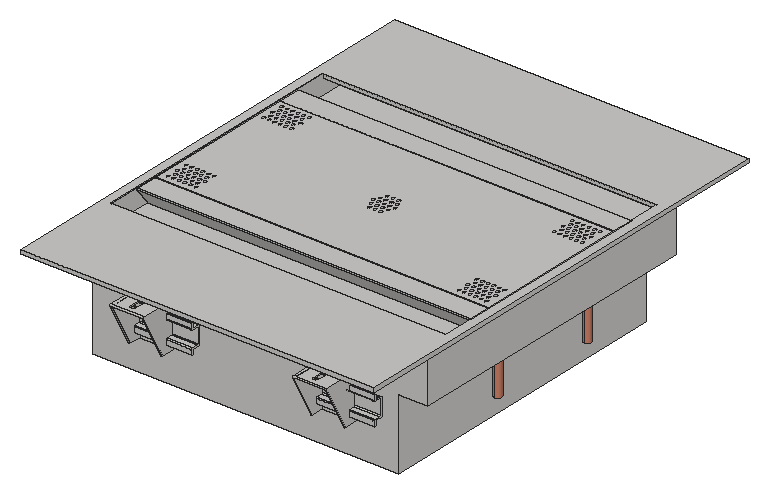
Revit family "York CB-ALE-YK - Linear Active Diffuser,Chilled Beam,Face-Based,Revit 2015 R1.3", category Mechanical Equipment, host Face, Revit 2015 (continued)
Forms (in)
  Extrusion 12, solid, material "Galvanized Steel" <- "Body Material", visible <- "10" Oval", detail levels medium+fine
    sketch origin (-13.7837, -180, -8.25) x (-1, 0, 0) y (0, -1, 0)
      loop
        arc (-17.4087, -177.375) -> (-20.0337, -180) -> (-17.4087, -182.625) r 2.625
        line (-17.4087, -182.625) -> (-10.1587, -182.625)
        arc (-10.1587, -182.625) -> (-7.5337, -180) -> (-10.1587, -177.375) r 2.625
      loop
        arc (-10.1587, -182.5625) -> (-7.5962, -180) -> (-10.1587, -177.4375) r 2.5625
        line (-10.1587, -177.4375) -> (-17.4087, -177.4375)
        arc (-17.4087, -177.4375) -> (-19.9712, -180) -> (-17.4087, -182.5625) r 2.5625
        line (-17.4087, -182.5625) -> (-10.1587, -182.5625)
    from 0 to -0.125
  Extrusion 13, solid, material "Galvanized Steel" <- "Body Material", detail levels medium+fine
    sketch origin (-70, -180, -8.375) x (-1, 0, 0) y (0, -1, 0)
      loop
        line (-60.75, -190.375) -> (-58.75, -190.375) -> (-58.75, -169.625) -> (-60.75, -169.625) -> (-60.75, -190.375)
    from 0 to 8.375
  Extrusion 14, solid, material "Galvanized Steel" <- "Body Material", detail levels medium+fine
    sketch origin (70, -180, -8.375) x (1, 0, 0) y (0, 1, 0)
      loop
        line (-60.75, 190.375) -> (-60.75, 169.625) -> (-58.75, 169.625) -> (-58.75, 190.375) -> (-60.75, 190.375)
    from 4.75 to 8.375
  Extrusion 15, void
    sketch origin (-10, 10, 0) x (1, 0, 0) y (0, 1, 0)
      loop
        line (-1.19531, 0.25) -> (-1.19531, -20.25) -> (21.19531, -20.25) -> (21.19531, 0.25) -> (-1.19531, 0.25)
    from 0 to -1.25
Cuts and joins
  Extrusion 15 cuts Sweep 3
  Extrusion 15 cuts Extrusion 13
  Extrusion 15 cuts Extrusion 14
  joined: Sweep 3, Extrusion 10, Extrusion 13, Extrusion 14
Lines and regions (in)
  Masking region 1
    outline origin (0, 0, 0) x (1, 0, 0) y (0, 1, 0)
      loop
        line (-11.875, 11.875) -> (-11.875, -11.875) -> (11.875, -11.875) -> (11.875, 11.875) -> (-11.875, 11.875)
  Masking region 2
    outline origin (0, 0, 0) x (1, 0, 0) y (0, 1, 0)
      loop
        line (-11.19531, 11.19531) -> (-11.19531, -11.19531) -> (11.19531, -11.19531) -> (11.19531, 11.19531) -> (-11.19531, 11.19531)
  Masking region 3, visible <- "Side Air Inlet"
    outline origin (-70, -180, -4.75) x (-1, 0, 0) y (0, -1, 0)
      loop
        line (-67.5, -193.375) -> (-67.5, -191.875) -> (-72.5, -191.875) -> (-72.5, -193.375) -> (-67.5, -193.375)
  reference lines
    curve 1: line (0, 10.375, -4.75) -> (0, 10.375, 0.25)
    curve 2: line (0, 10.375, -4.75) -> (0, 13.375, -4.75)
  sketch lines
    curve 3: line (0, 10.375, -4.75) -> (0, 13.375, -4.75)
  symbolic lines
    curve 4: line (-11.19531, 5.25, 0) -> (11.19531, 5.25, 0)
    curve 5: line (11.19531, -5.25, 0) -> (-11.19531, -5.25, 0)
  symbolic lines, visible <- "Top Air Inlet"
    curve 6: circle (0, 0, -8.375) r 2.4375 normal (0, 0, 1)
  model lines, style "Model Lines", detail levels coarse
    curve 7: line (-12, -12, 0) -> (12, -12, 0)
    curve 8: line (-12, -12, -8.375) -> (-12, -12, 0)
    curve 9: line (12, -12, -8.375) -> (-12, -12, -8.375)
    curve 10: line (12, -12, 0) -> (12, -12, -8.375)
    curve 11: line (-12, 12, 0) -> (12, 12, 0)
    curve 12: line (-12, 12, -8.375) -> (-12, 12, 0)
    curve 13: line (12, 12, -8.375) -> (-12, 12, -8.375)
    curve 14: line (12, 12, 0) -> (12, 12, -8.375)
    curve 15: line (12, 12, 0) -> (12, -12, 0)
    curve 16: line (12, 12, -8.375) -> (12, -12, -8.375)
    curve 17: line (-12, 12, 0) -> (-12, -12, 0)
    curve 18: line (-12, 12, -8.375) -> (-12, -12, -8.375)
    curve 19: line (-12, 15.6875, 0) -> (12, 15.6875, 0)
    curve 20: line (-12, -15.6875, 0) -> (-12, 15.6875, 0)
    curve 21: line (12, -15.6875, 0) -> (-12, -15.6875, 0)
    curve 22: line (12, 15.6875, 0) -> (12, -15.6875, 0)
Dimensions and locks (in)
  equal spacing: plane 4, plane 3 "Center (Left/Right)", plane 5
  "Nominal Length": plane 4 to plane 5
  equal spacing: plane 7, plane 1 "Center (Front/Back)", plane 6
  "Nominal Width": plane 6 to plane 7
  "Housing Height": plane 2 to plane 8
  "Overall Height": plane 2 to plane 9
  locked: plane 2 to plane 11 at 0.25
  "Inlet Offset from Top": plane 10 to plane 9
  "Back Offset": plane 13 to plane 1 "Center (Front/Back)"
  "Front Offset": plane 1 "Center (Front/Back)" to plane 12
  "Connection Reference Length": plane 6 to curve 2
  "Inlet Depth": curve 2 to curve 1
  locked: curve 2 to curve 1 at 5
  locked: profile plane to Sweep 2 sketch curve at 0  (x2)
  equal spacing: plane 14, plane 3 "Center (Left/Right)", plane 15
  "Housing Length": plane 14 to plane 15
  equal spacing: plane 16, plane 1 "Center (Front/Back)", plane 17
  "Housing Width": plane 17 to plane 16
  "Bar Top Offset": plane 2 to plane 18
  "Bar Array Offset from Center": plane 19 to plane 1 "Center (Front/Back)"
  "Bar Array Spacing": plane 19 to plane 20
  equal spacing: group 1, group 2, group 3, group 4, group 5, group 6, group 7, group 8, group 9, group 10, group 11, group 12, group 13, group 14, group 15, group 16, group 17, group 18, group 19, group 20  (x3)
  equal spacing: plane 24, plane 1 "Center (Front/Back)", plane 23
  equal spacing: plane 21, plane 3 "Center (Left/Right)", plane 22
  "Inlet Length": plane 12 to plane 26
  locked: plane 27 to plane 26 at 3.5
  equal spacing: Sweep 4 sketch curve, plane 3 "Center (Left/Right)", Sweep 4 sketch curve
  "Supply Air Connection Diameter": Sweep 4 sketch curve to Sweep 4 sketch curve
  "Housing Height": plane 2 to Sweep 4 sketch curve
  locked: Sweep 4 sketch curve to Sweep 4 sketch curve at 7
  equal spacing: plane 28, plane 3 "Center (Left/Right)", plane 29
  "Bar Length": plane 28 to plane 29
  equal spacing: plane 30, plane 1 "Center (Front/Back)", plane 32
  equal spacing: plane 31, plane 1 "Center (Front/Back)", plane 33
  "Bar Border Offset from Center": plane 30 to plane 1 "Center (Front/Back)"
  "Bar Border Width": plane 31 to plane 30
  locked: plane 34 to plane 35 at 0.125
  equal spacing: plane 31, plane 36, plane 37, plane 30
  locked: plane 38 to plane 37 at 0.125
  equal spacing: plane 32, plane 39, plane 40, plane 33
  plane 39 to plane 41 = 1/8"
  "Overall Length": plane 21 to plane 22
  locked: plane 6 to plane 23 at 0.125
  equal spacing: plane 42, plane 3 "Center (Left/Right)", plane 45
  equal spacing: plane 43, plane 1 "Center (Front/Back)", plane 44
  equal spacing: curve 5, plane 1 "Center (Front/Back)", curve 4
  "Bar Border Offset from Center": curve 5 to plane 1 "Center (Front/Back)"
  locked: plane 4 to plane 47 at 0.125
  locked: plane 6 to plane 46 at 0.125
  "Border Length A": plane 47 to plane 42
  "Border Length A": plane 46 to plane 44
  "Cooling Water Supply Front Offset": plane 6 to plane 49
  "Cooling Water Return Front Offset": plane 6 to plane 48
  "Cooling Water Supply Offset": plane 5 to plane 52
  "Cooling Water Return Offset": plane 5 to plane 25
  "Heating Water Return Offset": plane 5 to plane 50
  "Heating Water Supply Offset": plane 5 to plane 51
  "Heating Water Supply Front Offset": plane 6 to plane 53
  "Heating Water Return Front Offset": plane 6 to plane 54
  equal spacing: Masking region 3 sketch curve, plane 3 "Center (Left/Right)", Masking region 3 sketch curve
  "Supply Air Connection Diameter": Masking region 3 sketch curve to Masking region 3 sketch curve
  locked: plane 3 "Center (Left/Right)" to curve 6 at 0
  locked: plane 1 "Center (Front/Back)" to curve 6 at 0
  locked: plane 6 to plane 55 at 0.125
  "Y1": plane 6 to plane 57
  "Y4": plane 6 to plane 60
  "X1": plane 4 to Extrusion 6 sketch curve
  "X2": plane 4 to Extrusion 7 sketch curve
  "X4": plane 4 to Extrusion 9 sketch curve
  "X3": plane 4 to Extrusion 8 sketch curve
  "Y2": plane 6 to plane 58
  "Y3": plane 6 to plane 59
  plane 2 to plane 56 = 6 3/4"
  "Housing Notch Height": plane 2 to plane 61
  "Pipe Connection Length": plane 61 to plane 62
  "Bottom Plate Thickness": plane 2 to Sweep 3 sketch curve
  locked: plane 4 to plane 63 at 3.875
  locked: plane 64 to plane 5 at 3.875
  "Second Bracket Distance": plane 63 to plane 65
  "Second Bracket Distance": plane 66 to plane 64
  equal spacing: plane 67, plane 1 "Center (Front/Back)", plane 68
  "Housing Width": plane 67 to plane 68
  "E": plane 2 to plane 69 "E"
  equal spacing: plane 70, plane 1 "Center (Front/Back)", plane 71
  "Total Width": plane 70 to plane 71
  equal spacing: plane 72, plane 3 "Center (Left/Right)", plane 73
  "A": plane 72 to plane 73
  "Bottom Plate Thickness": plane 2 to Extrusion 10
  Extrusion 10 sketch curve to Extrusion 10 sketch curve = 87/128"
  Extrusion 10 sketch curve to Extrusion 10 sketch curve = 77/128"
  locked: Extrusion 12 sketch curve to Extrusion 12 sketch curve at 5.25
  locked: Extrusion 12 sketch curve to Extrusion 12 sketch curve at 7.25
  equal spacing: Extrusion 12 sketch curve, plane 1 "Center (Front/Back)", Extrusion 12 sketch curve
  locked: Extrusion 12 sketch curve to Extrusion 12 sketch curve at 0.0625  (x2)
  equal spacing: Extrusion 12 sketch curve, plane 3 "Center (Left/Right)", Extrusion 12 sketch curve
  locked: plane 74 to plane 8 at 0.125
  locked: Extrusion 13 sketch curve to Sweep 3 at 2
  "Left Void Distance": plane 2 to cut or joined group of Sweep 3, Extrusion 10, Extrusion 13, Extrusion 14, Extrusion 15
  locked: Extrusion 14 sketch curve to Extrusion 14 sketch curve at 2
  "Right Void Distance": plane 2 to Extrusion 14
  locked: plane 67 to Extrusion 15 sketch curve at 0.125
  locked: Extrusion 15 sketch curve to plane 68 at 0.125
  "Inlet Air Slot Clearance": plane 67 to Extrusion 10 sketch curve
  "Inlet Air Slot Clearance": Extrusion 10 sketch curve to plane 68
  locked: plane 4 to Extrusion 10 sketch curve at 0.125
  locked: Extrusion 10 sketch curve to plane 5 at 0.125
  "Air Inlet Connection Radius": radius of Sweep 2 sketch curve
  "Air Inlet Connection Inside Radius": radius of Sweep 2 sketch curve
  "Air Inlet Connection Radius": radius of curve 6
  locked: curve 1 to curve 2 (angle 90.00°)
  "Inlet Angle": angle curve 2 to plane 2
  aligned and locked: plane 2 to host face
  aligned and locked: level to host face
  aligned and locked: Sweep 1 sketch curve to plane 11
  aligned and locked: plane 9 to Sweep 1 sketch curve
  aligned and locked: plane 4 to Sweep 1 sketch curve
  aligned and locked: plane 5 to Sweep 1 sketch curve
  aligned and locked: plane 1 "Center (Front/Back)" to Sweep 1 sketch curve
  aligned and locked: plane 10 to curve 2
  aligned and locked: plane 3 "Center (Left/Right)" to Sweep 3 sketch curve
  aligned and locked: Sweep 3 sketch curve to plane 17
  aligned and locked: plane 14 to Sweep 3 sketch curve
  aligned and locked: plane 16 to Sweep 3 sketch curve
  aligned and locked: Sweep 3 sketch curve to plane 15
  aligned and locked: plane 3 "Center (Left/Right)" to nested 1
  aligned and locked: nested 1 to plane 18
  aligned and locked: nested 1 to plane 19
  aligned and locked: plane 20 to nested 2
  aligned and locked: plane 3 "Center (Left/Right)" to nested 3
  aligned and locked: Masking region 1 sketch curve to plane 24
  aligned and locked: plane 22 to Masking region 1 sketch curve
  aligned and locked: Masking region 1 sketch curve to plane 23
  aligned and locked: plane 21 to Masking region 1 sketch curve
  aligned and locked: nested 2 to plane 18
  aligned and locked: plane 8 to Sweep 3 sketch curve
  aligned and locked: plane 26 to Sweep 4 sketch curve
  aligned and locked: plane 27 to Sweep 4 sketch curve
  aligned and locked: Sweep 4 sketch curve to plane 3 "Center (Left/Right)"
  aligned and locked: plane 29 to Sweep 5 sketch curve
  aligned and locked: plane 28 to Sweep 5 sketch curve
  aligned and locked: plane 1 "Center (Front/Back)" to Sweep 5 sketch curve
  aligned and locked: Sweep 5 sketch curve to plane 34  (x2)
  aligned and locked: Sweep 5 sketch curve to plane 33
  aligned and locked: Sweep 5 sketch curve to plane 35  (x2)
  aligned and locked: plane 32 to Sweep 5 sketch curve
  aligned and locked: Sweep 5 sketch curve to plane 30
  aligned and locked: plane 31 to Sweep 5 sketch curve
  aligned and locked: Sweep 5 sketch curve to plane 37
  aligned and locked: plane 18 to Sweep 5 sketch curve  (x2)
  aligned and locked: plane 38 to Sweep 5 sketch curve
  aligned and locked: plane 35 to Sweep 5 sketch curve  (x2)
  aligned and locked: Sweep 5 sketch curve to plane 18
  aligned and locked: plane 41 to Sweep 5 sketch curve
  aligned and locked: Sweep 5 sketch curve to plane 39
  aligned and locked: plane 33 to Sweep 5 sketch curve
  aligned and locked: plane 42 to Masking region 2 sketch curve
  aligned and locked: plane 44 to Masking region 2 sketch curve
  aligned and locked: Masking region 2 sketch curve to plane 45
  aligned and locked: plane 43 to Masking region 2 sketch curve
  aligned and locked: Masking region 2 to curve 4  (x2)
  aligned and locked: Masking region 2 to curve 5  (x2)
  aligned and locked: Sweep 1 sketch curve to plane 6
  aligned and locked: plane 7 to Sweep 1 sketch curve
  aligned and locked: Masking region 3 sketch curve to plane 55
  aligned and locked: Masking region 3 sketch curve to plane 12
  aligned and locked: plane 3 "Center (Left/Right)" to nested 10
  aligned and locked: plane 1 "Center (Front/Back)" to nested 10
  aligned and locked: plane 57 to Extrusion 6 sketch curve
  aligned and locked: plane 58 to Extrusion 7 sketch curve
  aligned and locked: plane 59 to Extrusion 8 sketch curve
  aligned and locked: plane 60 to Extrusion 9 sketch curve
  aligned and locked: plane 61 to Extrusion 9
  aligned and locked: plane 61 to Extrusion 8
  aligned and locked: plane 61 to Extrusion 7
  aligned and locked: plane 61 to Extrusion 6
  aligned and locked: Extrusion 6 to plane 62
  aligned and locked: Extrusion 7 to plane 62
  aligned and locked: Extrusion 8 to plane 62
  aligned and locked: Extrusion 9 to plane 62
  aligned and locked: plane 2 to plane 34
  aligned and locked: curve 7 to plane 2
  aligned and locked: plane 9 to curve 9
  aligned and locked: curve 10 to plane 5
  aligned and locked: plane 4 to curve 8
  aligned and locked: curve 14 to plane 5
  aligned and locked: curve 11 to plane 2
  aligned and locked: plane 4 to curve 12
  aligned and locked: plane 9 to curve 13
  aligned and locked: plane 13 to curve 15
  aligned and locked: plane 6 to curve 15
  aligned and locked: plane 6 to curve 16
  aligned and locked: plane 13 to curve 16
  aligned and locked: curve 15 to plane 2
  aligned and locked: curve 16 to plane 9
  aligned and locked: plane 13 to curve 17
  aligned and locked: plane 13 to curve 18
  aligned and locked: plane 6 to curve 17
  aligned and locked: plane 6 to curve 18
  aligned and locked: curve 18 to plane 9
  aligned and locked: curve 17 to curve 15
  aligned and locked: nested 11 to plane 63
  aligned and locked: nested 12 to plane 65
  aligned and locked: plane 66 to nested 13
  aligned and locked: nested 14 to plane 64
  aligned and locked: plane 63 to nested 15
  aligned and locked: plane 65 to nested 16
  aligned and locked: nested 17 to plane 66
  aligned and locked: plane 64 to nested 18
  aligned and locked: nested 15 to plane 67
  aligned and locked: nested 16 to plane 67
  aligned and locked: nested 17 to plane 67
  aligned and locked: nested 18 to plane 67
  aligned and locked: nested 11 to plane 68
  aligned and locked: nested 12 to plane 68
  aligned and locked: nested 13 to plane 68
  aligned and locked: nested 14 to plane 68
  aligned and locked: nested 11 to plane 69 "E"
  aligned and locked: nested 12 to plane 69 "E"
  aligned and locked: nested 13 to plane 69 "E"
  aligned and locked: nested 14 to plane 69 "E"
  aligned and locked: plane 69 "E" to nested 15
  aligned and locked: plane 69 "E" to nested 16
  aligned and locked: plane 69 "E" to nested 17
  aligned and locked: plane 69 "E" to nested 18
  aligned and locked: Extrusion 10 sketch curve to plane 70
  aligned and locked: Extrusion 10 sketch curve to plane 71
  aligned and locked: level to Extrusion 10
  aligned and locked: Extrusion 11 sketch curve to plane 70
  aligned and locked: plane 4 to Extrusion 11 sketch curve
  aligned and locked: Extrusion 11 sketch curve to plane 71
  aligned and locked: Extrusion 11 sketch curve to plane 5
  aligned and locked: level to Extrusion 11
  aligned and locked: curve 19 to Extrusion 10
  aligned and locked: curve 21 to Extrusion 10
  aligned and locked: plane 4 to curve 20
  aligned and locked: curve 22 to plane 5
  aligned and locked: plane 74 to Extrusion 12
  aligned and locked: Extrusion 12 to plane 9
  aligned and locked: Extrusion 13 sketch curve to Sweep 3
  aligned and locked: plane 67 to Extrusion 13 sketch curve
  aligned and locked: Extrusion 13 sketch curve to plane 68
  aligned and locked: plane 2 to Extrusion 13
  aligned and locked: Extrusion 14 sketch curve to cut or joined group of Sweep 3, Extrusion 10, Extrusion 13, Extrusion 14, Extrusion 15
  aligned and locked: Extrusion 14 sketch curve to plane 67
  aligned and locked: plane 68 to Extrusion 14 sketch curve
  aligned and locked: level to Extrusion 14
  aligned and locked: Extrusion 15 sketch curve to Masking region 2  (x2)
  aligned and locked: Extrusion 15 to level
  aligned and locked: Extrusion 15 to nested 1
Automatic sketch dimensions
  host sketch curve to host sketch curve = 96"  (x2)
  Extrusion 12 sketch curve to Extrusion 12 sketch curve = 0"  (x2)
  Sweep 2 sketch curve to Sweep 2 sketch curve = 0"
  Sweep 2 sketch curve to profile plane = 0"
  Extrusion 10 sketch curve to plane 70 = 0"
  radius of Extrusion 6 sketch curve = 1/4"
  radius of Extrusion 7 sketch curve = 1/4"
  radius of Extrusion 8 sketch curve = 1/4"
  radius of Extrusion 9 sketch curve = 1/4"
Nested families (in)
  nested 1: "Diffuser-Louver" at (0, -4.75, -1.25) x (0, 1, 0) z (0, 0, 1), visible <- "BL - Linear Bar Grillle", type "Diffuser-Louver", detail levels medium+fine
    with Width 3/32", Length 22 25/64"
  nested 2: "Diffuser-Louver" at (0, -4.25, -1.25) x (0, 1, 0) z (0, 0, 1), visible <- "BL - Linear Bar Grillle", type "Diffuser-Louver", detail levels medium+fine
    with Width 3/32", Length 22 25/64"
  nested 3: "Diffuser-Louver" at (0, -3.75, -1.25) x (0, 1, 0) z (0, 0, 1), visible <- "BL - Linear Bar Grillle", type "Diffuser-Louver", detail levels medium+fine
    with Width 3/32", Length 22 25/64"
  nested 4: "Diffuser-Louver" at (0, -3.25, -1.25) x (0, 1, 0) z (0, 0, 1), visible <- "BL - Linear Bar Grillle", type "Diffuser-Louver", detail levels medium+fine
    with Width 3/32", Length 22 25/64"
  nested 5: "Diffuser-Louver" at (0, -2.75, -1.25) x (0, 1, 0) z (0, 0, 1), visible <- "BL - Linear Bar Grillle", type "Diffuser-Louver", detail levels medium+fine
    with Width 3/32", Length 22 25/64"
  nested 6: "Diffuser-Louver" at (0, -2.25, -1.25) x (0, 1, 0) z (0, 0, 1), visible <- "BL - Linear Bar Grillle", type "Diffuser-Louver", detail levels medium+fine
    with Width 3/32", Length 22 25/64"
  nested 7: "Diffuser-Louver" at (0, -1.75, -1.25) x (0, 1, 0) z (0, 0, 1), visible <- "BL - Linear Bar Grillle", type "Diffuser-Louver", detail levels medium+fine
    with Width 3/32", Length 22 25/64"
  nested 8: "Diffuser-Louver" at (0, -1.25, -1.25) x (0, 1, 0) z (0, 0, 1), visible <- "BL - Linear Bar Grillle", type "Diffuser-Louver", detail levels medium+fine
    with Width 3/32", Length 22 25/64"
  nested 9: "Model Name" at (0, 0.25, 0), type "Model Name", detail levels coarse
  nested 10: "Perforated Grille Plate" at (0, 0, -0.0625), visible <- "CP - Circular Perforation", Plate H <- "Circular Plate Width", Plate W <- "Circular Plate Lenght", Plate Material <- "Body Material", type "Perforated Hole plate", detail levels medium+fine
    with Y Distance 1/2", X/2 3/16", X distance 1/2", X Center Distance 3/8", Plate thk 1/16", Plate W 22 25/64", Plate Material Galvanized Steel, Plate H 10 1/2", Dia Of Hole 3/16"
  nested 11: "Mounting Bracket 2" at (-8.125, -10.375, -3.25) x (0, -1, 0) z (0, 0, 1), Adustable Bracket Distance <- "Bracket Distance 1", Bracket Lenght <- "Bracket Length", type "Bracket 1", detail levels medium+fine
    with Visibility yes, Support Height 3", Bracket Lenght 4", Adustable Bracket Distance 0"
  nested 12: "Mounting Bracket 2" at (4.125, -10.375, -3.25) x (0, -1, 0) z (0, 0, 1), Adustable Bracket Distance <- "Bracket Distance 2", Bracket Lenght <- "Bracket Length", type "Bracket 2", detail levels medium+fine
    with Visibility yes, Support Height 3", Bracket Lenght 4", Adustable Bracket Distance 0"
  nested 13: "Mounting Bracket 2" at (-8.125, -10.375, -3.25) x (0, -1, 0) z (0, 0, 1), Adustable Bracket Distance <- "Bracket Distance 3", Bracket Lenght <- "Bracket Length", Visibility <- "Bracket 3", type "Bracket 3", detail levels medium+fine
    with Visibility no, Support Height 3", Bracket Lenght 4", Adustable Bracket Distance 0"
  nested 14: "Mounting Bracket 2" at (4.125, -10.375, -3.25) x (0, -1, 0) z (0, 0, 1), Adustable Bracket Distance <- "Bracket Distance 4", Bracket Lenght <- "Bracket Length", Visibility <- "Bracket 4", type "Bracket 4", detail levels medium+fine
    with Visibility no, Support Height 3", Bracket Lenght 4", Adustable Bracket Distance 0"
  nested 15: "Mounting Bracket 2" at (-8.125, 10.375, -3.25) x (0, 1, 0) z (0, 0, 1), Adustable Bracket Distance <- "Bracket Distance 1", Bracket Lenght <- "Bracket Length", type "Bracket 1", detail levels medium+fine
    with Visibility yes, Support Height 3", Bracket Lenght 4", Adustable Bracket Distance 0"
  nested 16: "Mounting Bracket 2" at (4.125, 10.375, -3.25) x (0, 1, 0) z (0, 0, 1), Adustable Bracket Distance <- "Bracket Distance 2", Bracket Lenght <- "Bracket Length", type "Bracket 2", detail levels medium+fine
    with Visibility yes, Support Height 3", Bracket Lenght 4", Adustable Bracket Distance 0"
  nested 17: "Mounting Bracket 2" at (-8.125, 10.375, -3.25) x (0, 1, 0) z (0, 0, 1), Adustable Bracket Distance <- "Bracket Distance 3", Bracket Lenght <- "Bracket Length", Visibility <- "Bracket 3", type "Bracket 3", detail levels medium+fine
    with Visibility no, Support Height 3", Bracket Lenght 4", Adustable Bracket Distance 0"
  nested 18: "Mounting Bracket 2" at (4.125, 10.375, -3.25) x (0, 1, 0) z (0, 0, 1), Adustable Bracket Distance <- "Bracket Distance 4", Bracket Lenght <- "Bracket Length", Visibility <- "Bracket 4", type "Bracket 4", detail levels medium+fine
    with Visibility no, Support Height 3", Bracket Lenght 4", Adustable Bracket Distance 0"
  nested 19: "Diffuser-Louver" at (0, -0.75, -1.25) x (0, 1, 0) z (0, 0, 1), visible <- "BL - Linear Bar Grillle", type "Diffuser-Louver", detail levels medium+fine
    with Width 3/32", Length 22 25/64"
  nested 20: "Diffuser-Louver" at (0, -0.25, -1.25) x (0, 1, 0) z (0, 0, 1), visible <- "BL - Linear Bar Grillle", type "Diffuser-Louver", detail levels medium+fine
    with Width 3/32", Length 22 25/64"
  nested 21: "Diffuser-Louver" at (0, 0.25, -1.25) x (0, 1, 0) z (0, 0, 1), visible <- "BL - Linear Bar Grillle", type "Diffuser-Louver", detail levels medium+fine
    with Width 3/32", Length 22 25/64"
  nested 22: "Diffuser-Louver" at (0, 0.75, -1.25) x (0, 1, 0) z (0, 0, 1), visible <- "BL - Linear Bar Grillle", type "Diffuser-Louver", detail levels medium+fine
    with Width 3/32", Length 22 25/64"
  nested 23: "Diffuser-Louver" at (0, 1.25, -1.25) x (0, 1, 0) z (0, 0, 1), visible <- "BL - Linear Bar Grillle", type "Diffuser-Louver", detail levels medium+fine
    with Width 3/32", Length 22 25/64"
  nested 24: "Diffuser-Louver" at (0, 1.75, -1.25) x (0, 1, 0) z (0, 0, 1), visible <- "BL - Linear Bar Grillle", type "Diffuser-Louver", detail levels medium+fine
    with Width 3/32", Length 22 25/64"
  nested 25: "Diffuser-Louver" at (0, 2.25, -1.25) x (0, 1, 0) z (0, 0, 1), visible <- "BL - Linear Bar Grillle", type "Diffuser-Louver", detail levels medium+fine
    with Width 3/32", Length 22 25/64"
  nested 26: "Diffuser-Louver" at (0, 2.75, -1.25) x (0, 1, 0) z (0, 0, 1), visible <- "BL - Linear Bar Grillle", type "Diffuser-Louver", detail levels medium+fine
    with Width 3/32", Length 22 25/64"
  nested 27: "Diffuser-Louver" at (0, 3.25, -1.25) x (0, 1, 0) z (0, 0, 1), visible <- "BL - Linear Bar Grillle", type "Diffuser-Louver", detail levels medium+fine
    with Width 3/32", Length 22 25/64"
  nested 28: "Diffuser-Louver" at (0, 3.75, -1.25) x (0, 1, 0) z (0, 0, 1), visible <- "BL - Linear Bar Grillle", type "Diffuser-Louver", detail levels medium+fine
    with Width 3/32", Length 22 25/64"
  nested 29: "Diffuser-Louver" at (0, 4.25, -1.25) x (0, 1, 0) z (0, 0, 1), visible <- "BL - Linear Bar Grillle", type "Diffuser-Louver", detail levels medium+fine
    with Width 3/32", Length 22 25/64"
  nested 30: "Diffuser-Louver" at (0, 4.75, -1.25) x (0, 1, 0) z (0, 0, 1), visible <- "BL - Linear Bar Grillle", type "Diffuser-Louver", detail levels medium+fine
    with Width 3/32", Length 22 25/64"
Connectors (in)
  hvac at (0, 13.375, -4.75), driven by "Supply Inlet Dia", driven by "Design Supply Air Flow", driven by "Supply Air Pressure Drop"
    settings: on Sweep 2, index 1, duct flow 0 CFM, flow factor 0, pres drop 0.00 in-wg, loss coef 0, conn angle 0.00°, conn width 12", conn height 12", conn diameter 5", duct sys type 1, conn prof type 0, flow config 1, flow direction 1, loss method 4, conn ref index -1, conn util no, is conn primary yes, conn desc "Supply Air Inlet Connection"
  piping at (10.625, 3.75, -6.125), diameter 0.5
    settings: on Extrusion 9, index 7, connector inside diameter 24", connector length 0", flow factor 0, pipe flow 0 GPM, pressure drop 0.00 psi, fitting loss kfactor 0, connector angle 0.00°, fixture units 0, engagement length 0", angle of deflection 0.00°, flow configuration 1, flow direction 2, fitting loss method 4, system type 8, joint type 0, gender type 0, connector reference index -1, connector utility 0, adjustable connector no, is connector primary yes, connector description "Cooling Return Connector"
  piping at (10.625, 3.75, -6.125), diameter 0.5
    settings: on Extrusion 8, index 8, connector inside diameter 24", connector length 0", flow factor 0, pipe flow 0 GPM, pressure drop 0.00 psi, fitting loss kfactor 0, connector angle 0.00°, fixture units 0, engagement length 0", angle of deflection 0.00°, flow configuration 1, flow direction 2, fitting loss method 4, system type 8, joint type 0, gender type 0, connector reference index -1, connector utility 0, adjustable connector no, is connector primary no, connector description "Heating Return Connector"
  piping at (10.625, -3.75, -6.125), diameter 0.5
    settings: on Extrusion 7, index 9, connector inside diameter 24", connector length 0", flow factor 0, pipe flow 0 GPM, pressure drop 0.00 psi, fitting loss kfactor 0, connector angle 0.00°, fixture units 0, engagement length 0", angle of deflection 0.00°, flow configuration 1, flow direction 1, fitting loss method 4, system type 7, joint type 0, gender type 0, connector reference index -1, connector utility 0, adjustable connector no, is connector primary no, connector description "Heating Supply Connector"
  piping at (10.625, -3.75, -6.125), diameter 0.5
    settings: on Extrusion 6, index 10, connector inside diameter 24", connector length 0", flow factor 0, pipe flow 0 GPM, pressure drop 0.00 psi, fitting loss kfactor 0, connector angle 0.00°, fixture units 0, engagement length 0", angle of deflection 0.00°, flow configuration 1, flow direction 1, fitting loss method 4, system type 7, joint type 0, gender type 0, connector reference index -1, connector utility 0, adjustable connector no, is connector primary no, connector description "Cooling Supply Connector"
  hvac at (0, 13.375, -4.75)
    settings: on curve 2, index 11, duct flow 0 CFM, flow factor 0, pres drop 0.00 in-wg, loss coef 0, conn angle 0.00°, conn width 12 1/2", conn height 5 1/4", conn diameter 24", duct sys type 1, conn prof type 2, flow config 1, flow direction 1, loss method 0, conn ref index -1, conn util no, is conn primary no, conn desc "Oval Duct Connector"
Definition of nested family "Diffuser-Louver"
  Parameters
    Width = 1/16"
    Void Length C = 2 17/32"
    Void Length B = 1 189/256"
    Void Length A = 87/128"
    Void Height B = 1 23/256"
    Void Height A = 79/256"
    Tilt Angle = 90.00°
    Louver Material = none
    Length = 47 73/128"
    Depth = 1 23/256"
  Reference planes (in)
    plane 1 "Center (Front/Back)": y = 0
    plane 2: z = 0
    plane 3 "Center (Left/Right)": x = 0
    plane 4: y = 23.78516
    plane 5: y = -23.78516
  Forms (in)
    Sweep 1, solid, material <- "Louver Material"
      path origin (0, 0, 0) x (1, 0, 0) y (0, 1, 0)
        loop
          line (0, -23.78516) -> (0, 23.78516)
      profile origin (0, 0, 0) x (-1, 0, 0) y (0, 0, 1)
        loop
          line (0.03125, 0) -> (0.03125, 1.08984) -> (-0.03125, 1.08984) -> (-0.03125, 0) -> (0.03125, 0)
  Lines and regions (in)
    reference lines
      curve 1: line (0, 0, 0) -> (0, 0, 1.08984)
      curve 2: line (0, 0, 1.08984) -> (-1, 0, 1.08984)
  Dimensions and locks (in)
    equal spacing: plane 5, plane 1 "Center (Front/Back)", plane 4
    "Length": plane 4 to plane 5
    locked: curve 1 to curve 2 at 1
    "Depth": curve 2 to curve 1
    equal spacing: Sweep 1 sketch curve, curve 1, Sweep 1 sketch curve
    "Width": Sweep 1 sketch curve to Sweep 1 sketch curve
    "Depth": curve 2 to Sweep 1 sketch curve
    locked: curve 2 to curve 1 (angle 90.00°)
    "Tilt Angle": angle plane 2 to curve 1
    aligned and locked: plane 2 to level
    aligned and locked: plane 3 "Center (Left/Right)" to curve 1
    aligned and locked: plane 2 to curve 1
    aligned and locked: plane 4 to Sweep 1 sketch curve
    aligned and locked: plane 5 to Sweep 1 sketch curve
    aligned and locked: plane 3 "Center (Left/Right)" to Sweep 1 sketch curve
    aligned and locked: Sweep 1 sketch curve to curve 2
Definition of nested family "Perforated Grille Plate"
  Parameters (values of type "Perforated Hole plate")
    Y Center Distance = 3/8"
    X/2 [instance] = X Center Distance / 2  # 3/16"
    Plate thk [instance] = 1/16"
    Plate W [instance] = 10 1/4"
    Y Distance [instance] = 1/2"
    X distance [instance] = 1/2"
    Plate Material [instance] = none
    Plate H [instance] = 22 25/64"
    Dia Of Hole [instance] = 3/16"
    X Center Distance [instance] = 3/8"
  Reference planes (in)
    plane 1 "Center (Front/Back)": y = 0
    plane 2: z = 0
    plane 3 "Center (Left/Right)": x = 0
    plane 4: x = -4.625
    plane 5: y = 10.69531
    plane 6: x = -4.25
    plane 7: x = -3.875
    plane 8: y = 10.32031
    plane 9: y = 9.94531
    plane 10: y = 9.57031
    plane 11: y = 11.19531
    plane 12: y = -11.19531
    plane 13: x = -5.125
    plane 14: x = 5.125
    plane 15: x = -3.5
    plane 16: x = -3.125
    plane 17: y = 9.19531
    plane 18: x = -0.75
    plane 19: y = 0.75
    plane 20: x = -0.375
    plane 21: x = 0
    plane 22: y = 0.375
    plane 23: y = 0
    plane 24: y = -0.375
    plane 25: x = 0.375
    plane 26: x = 0.75
    plane 27: y = -0.75
    plane 28: x = -2.75
    plane 29: x = 1.125
    plane 30: x = -1.125
    plane 31: y = -9.19531
    plane 32: y = -9.57031
    plane 33: y = -9.94531
    plane 34: y = -10.32031
    plane 35: y = -10.69531
    plane 36: x = 2.75
    plane 37: x = 3.125
    plane 38: x = 3.5
    plane 39: x = 3.875
    plane 40: x = 4.25
    plane 41: x = 4.625
    plane 42: x = -4.4375
    plane 43: x = -4.0625
    plane 44: x = -3.6875
    plane 45: x = -3.3125
    plane 46: x = -2.9375
    plane 47: x = 2.9375
    plane 48: x = 3.3125
    plane 49: x = 3.6875
    plane 50: x = 4.0625
    plane 51: x = 4.4375
    plane 52: x = -0.9375
    plane 53: x = -0.5625
    plane 54: x = -0.1875
    plane 55: x = 0.1875
    plane 56: x = 0.5625
    plane 57: x = 0.9375
  Forms (in)
    Extrusion 1, solid, material <- "Plate Material"
      sketch origin (0, 0, 0) x (1, 0, 0) y (0, 1, 0)
        loop
          line (-5.125, 11.19531) -> (-5.125, -11.19531) -> (5.125, -11.19531) -> (5.125, 11.19531) -> (-5.125, 11.19531)
      from 0 to 0.0625
    Extrusion 2, void
      sketch origin (0, 0, 0.0625) x (0, 1, 0) y (1, 0, 0)
        loop
          circle (10.69531, -4.625) r 0.09375
      from 0 to 0.0625
    Extrusion 3, void
      sketch origin (0.625, 0, 0.0625) x (0, 1, 0) y (1, 0, 0)
        loop
          circle (10.69531, -4.875) r 0.09375
      from 0 to 0.0625
    Extrusion 4, void
      sketch origin (1.25, 0, 0.0625) x (0, 1, 0) y (1, 0, 0)
        loop
          circle (10.69531, -5.125) r 0.09375
      from 0 to 0.0625
    Extrusion 5, void
      sketch origin (0, -0.625, 0.0625) x (0, 1, 0) y (1, 0, 0)
        loop
          circle (10.94531, -4.4375) r 0.09375
        loop
          circle (10.94531, -4.0625) r 0.09375
        loop
          circle (10.94531, -3.6875) r 0.09375
        loop
          circle (10.94531, -3.3125) r 0.09375
        loop
          circle (10.94531, -2.9375) r 0.09375
        loop
          circle (10.19531, -4.4375) r 0.09375
        loop
          circle (10.19531, -4.0625) r 0.09375
        loop
          circle (10.19531, -3.6875) r 0.09375
        loop
          circle (10.19531, -3.3125) r 0.09375
        loop
          circle (10.19531, -2.9375) r 0.09375
        loop
          circle (10.94531, 4.4375) r 0.09375
        loop
          circle (10.94531, 4.0625) r 0.09375
        loop
          circle (10.94531, 3.6875) r 0.09375
        loop
          circle (10.94531, 3.3125) r 0.09375
        loop
          circle (10.94531, 2.9375) r 0.09375
        loop
          circle (10.19531, 4.4375) r 0.09375
        loop
          circle (10.19531, 4.0625) r 0.09375
        loop
          circle (10.19531, 3.6875) r 0.09375
        loop
          circle (10.19531, 3.3125) r 0.09375
        loop
          circle (10.19531, 2.9375) r 0.09375
        loop
          circle (-9.69531, -4.4375) r 0.09375
        loop
          circle (-9.69531, -4.0625) r 0.09375
        loop
          circle (-9.69531, -3.6875) r 0.09375
        loop
          circle (-9.69531, -3.3125) r 0.09375
        loop
          circle (-9.69531, -2.9375) r 0.09375
        loop
          circle (-8.94531, -4.4375) r 0.09375
        loop
          circle (-8.94531, -4.0625) r 0.09375
        loop
          circle (-8.94531, -3.6875) r 0.09375
        loop
          circle (-8.94531, -3.3125) r 0.09375
        loop
          circle (-8.94531, -2.9375) r 0.09375
        loop
          circle (-9.69531, 4.4375) r 0.09375
        loop
          circle (-9.69531, 4.0625) r 0.09375
        loop
          circle (-9.69531, 3.6875) r 0.09375
        loop
          circle (-9.69531, 3.3125) r 0.09375
        loop
          circle (-9.69531, 2.9375) r 0.09375
        loop
          circle (-8.94531, 4.4375) r 0.09375
        loop
          circle (-8.94531, 4.0625) r 0.09375
        loop
          circle (-8.94531, 3.6875) r 0.09375
        loop
          circle (-8.94531, 3.3125) r 0.09375
        loop
          circle (-8.94531, 2.9375) r 0.09375
      from 0 to 0.0625
    Extrusion 6, void
      sketch origin (0, -1.25, 0.0625) x (0, 1, 0) y (1, 0, 0)
        loop
          circle (11.19531, -4.625) r 0.09375
      from 0 to 0.0625
    Extrusion 7, void
      sketch origin (0.625, -1.25, 0.0625) x (0, 1, 0) y (1, 0, 0)
        loop
          circle (11.19531, -4.875) r 0.09375
      from 0 to 0.0625
    Extrusion 8, void
      sketch origin (1.25, -1.25, 0.0625) x (0, 1, 0) y (1, 0, 0)
        loop
          circle (11.19531, -5.125) r 0.09375
      from 0 to 0.0625
    Extrusion 9, void
      sketch origin (1.375, 0, 0.0625) x (0, 1, 0) y (1, 0, 0)
        loop
          circle (10.69531, -4.875) r 0.09375
      from 0 to 0.0625
    Extrusion 10, void
      sketch origin (2, 0, 0.0625) x (0, 1, 0) y (1, 0, 0)
        loop
          circle (10.69531, -5.125) r 0.09375
      from 0 to 0.0625
    Extrusion 11, void
      sketch origin (1.375, -1.25, 0.0625) x (0, 1, 0) y (1, 0, 0)
        loop
          circle (11.19531, -4.875) r 0.09375
      from 0 to 0.0625
    Extrusion 12, void
      sketch origin (2, -1.25, 0.0625) x (0, 1, 0) y (1, 0, 0)
        loop
          circle (11.19531, -5.125) r 0.09375
      from 0 to 0.0625
    Extrusion 13, void
      sketch origin (0, -2, 0.0625) x (0, 1, 0) y (1, 0, 0)
        loop
          circle (11.19531, -4.625) r 0.09375
      from 0 to 0.0625
    Extrusion 14, void
      sketch origin (0.625, -2, 0.0625) x (0, 1, 0) y (1, 0, 0)
        loop
          circle (11.19531, -4.875) r 0.09375
      from 0 to 0.0625
    Extrusion 15, void
      sketch origin (1.25956, -1.92349, 0.0625) x (0, 1, 0) y (1, 0, 0)
        loop
          circle (11.1188, -5.13456) r 0.09375
      from 0 to 0.0625
    Extrusion 16, void
      sketch origin (1.375, -2, 0.0625) x (0, 1, 0) y (1, 0, 0)
        loop
          circle (11.19531, -4.875) r 0.09375
      from 0 to 0.0625
    Extrusion 17, void
      sketch origin (2, -2, 0.0625) x (0, 1, 0) y (1, 0, 0)
        loop
          circle (11.19531, -5.125) r 0.09375
      from 0 to 0.0625
    Extrusion 18, void
      sketch origin (10.875, -10.75, 0.0625) x (0, 1, 0) y (1, 0, 0)
        loop
          circle (11.5, -11.25) r 0.09375
      from 0 to 0.0625
    Extrusion 19, void
      sketch origin (11.5, -10.75, 0.0625) x (0, 1, 0) y (1, 0, 0)
        loop
          circle (11.5, -11.5) r 0.09375
      from 0 to 0.0625
    Extrusion 20, void
      sketch origin (10.375, -11.375, 0.0625) x (0, 1, 0) y (1, 0, 0)
        loop
          circle (11.75, -10.9375) r 0.09375
      from 0 to 0.0625
    Extrusion 21, void
      sketch origin (11, -11.375, 0.0625) x (0, 1, 0) y (1, 0, 0)
        loop
          circle (11.75, -11.1875) r 0.09375
      from 0 to 0.0625
    Extrusion 22, void
      sketch origin (11.625, -11.375, 0.0625) x (0, 1, 0) y (1, 0, 0)
        loop
          circle (11.75, -11.4375) r 0.09375
      from 0 to 0.0625
    Extrusion 23, void
      sketch origin (10.25, -12, 0.0625) x (0, 1, 0) y (1, 0, 0)
        loop
          circle (12, -11) r 0.09375
      from 0 to 0.0625
    Extrusion 24, void
      sketch origin (10.875, -12, 0.0625) x (0, 1, 0) y (1, 0, 0)
        loop
          circle (12, -11.25) r 0.09375
      from 0 to 0.0625
    Extrusion 25, void
      sketch origin (11.5, -12, 0.0625) x (0, 1, 0) y (1, 0, 0)
        loop
          circle (12, -11.5) r 0.09375
      from 0 to 0.0625
    Extrusion 26, void
      sketch origin (10.375, -12.625, 0.0625) x (0, 1, 0) y (1, 0, 0)
        loop
          circle (12.25, -10.9375) r 0.09375
      from 0 to 0.0625
    Extrusion 27, void
      sketch origin (11, -12.625, 0.0625) x (0, 1, 0) y (1, 0, 0)
        loop
          circle (12.25, -11.1875) r 0.09375
      from 0 to 0.0625
    Extrusion 28, void
      sketch origin (11.63281, -12.625, 0.0625) x (0, 1, 0) y (1, 0, 0)
        loop
          circle (12.25, -11.44531) r 0.09375
      from 0 to 0.0625
    Extrusion 29, void
      sketch origin (11.625, -10.75, 0.0625) x (0, 1, 0) y (1, 0, 0)
        loop
          circle (11.5, -11.25) r 0.09375
      from 0 to 0.0625
    Extrusion 30, void
      sketch origin (11.75, -11.375, 0.0625) x (0, 1, 0) y (1, 0, 0)
        loop
          circle (11.75, -11.1875) r 0.09375
      from 0 to 0.0625
    Extrusion 31, void
      sketch origin (11.625, -12, 0.0625) x (0, 1, 0) y (1, 0, 0)
        loop
          circle (12, -11.25) r 0.09375
      from 0 to 0.0625
    Extrusion 32, void
      sketch origin (12.25, -12, 0.0625) x (0, 1, 0) y (1, 0, 0)
        loop
          circle (12, -11.5) r 0.09375
      from 0 to 0.0625
    Extrusion 33, void
      sketch origin (11.75, -12.625, 0.0625) x (0, 1, 0) y (1, 0, 0)
        loop
          circle (12.25, -11.1875) r 0.09375
      from 0 to 0.0625
    Extrusion 34, void
      sketch origin (10.875, -12.75, 0.0625) x (0, 1, 0) y (1, 0, 0)
        loop
          circle (12, -11.25) r 0.09375
      from 0 to 0.0625
    Extrusion 35, void
      sketch origin (11.50956, -12.67349, 0.0625) x (0, 1, 0) y (1, 0, 0)
        loop
          circle (11.92349, -11.50956) r 0.09375
      from 0 to 0.0625
    Extrusion 36, void
      sketch origin (11.625, -12.75, 0.0625) x (0, 1, 0) y (1, 0, 0)
        loop
          circle (12, -11.25) r 0.09375
      from 0 to 0.0625
    Extrusion 37, void
      sketch origin (2.125, 0, 0.0625) x (0, 1, 0) y (1, 0, 0)
        loop
          circle (10.69531, -4.875) r 0.09375
      from 0 to 0.0625
    Extrusion 38, void
      sketch origin (2.125, -1.25, 0.0625) x (0, 1, 0) y (1, 0, 0)
        loop
          circle (11.19531, -4.875) r 0.09375
      from 0 to 0.0625
    Extrusion 39, void
      sketch origin (2.125, -2, 0.0625) x (0, 1, 0) y (1, 0, 0)
        loop
          circle (11.19531, -4.875) r 0.09375
      from 0 to 0.0625
    Extrusion 40, void
      sketch origin (0, -21.5, 0.0625) x (0, 1, 0) y (1, 0, 0)
        loop
          circle (12.30469, -4.625) r 0.09375
      from 0 to 0.0625
    Extrusion 41, void
      sketch origin (0.625, -21.5, 0.0625) x (0, 1, 0) y (1, 0, 0)
        loop
          circle (12.30469, -4.875) r 0.09375
      from 0 to 0.0625
    Extrusion 42, void
      sketch origin (1.25, -21.5, 0.0625) x (0, 1, 0) y (1, 0, 0)
        loop
          circle (12.30469, -5.125) r 0.09375
      from 0 to 0.0625
    Extrusion 43, void
      sketch origin (0, -22.75, 0.0625) x (0, 1, 0) y (1, 0, 0)
        loop
          circle (12.80469, -4.625) r 0.09375
      from 0 to 0.0625
    Extrusion 44, void
      sketch origin (0.625, -22.75, 0.0625) x (0, 1, 0) y (1, 0, 0)
        loop
          circle (12.80469, -4.875) r 0.09375
      from 0 to 0.0625
    Extrusion 45, void
      sketch origin (1.25, -22.75, 0.0625) x (0, 1, 0) y (1, 0, 0)
        loop
          circle (12.80469, -5.125) r 0.09375
      from 0 to 0.0625
    Extrusion 46, void
      sketch origin (1.375, -21.5, 0.0625) x (0, 1, 0) y (1, 0, 0)
        loop
          circle (12.30469, -4.875) r 0.09375
      from 0 to 0.0625
    Extrusion 47, void
      sketch origin (2, -21.5, 0.0625) x (0, 1, 0) y (1, 0, 0)
        loop
          circle (12.30469, -5.125) r 0.09375
      from 0 to 0.0625
    Extrusion 48, void
      sketch origin (1.375, -22.75, 0.0625) x (0, 1, 0) y (1, 0, 0)
        loop
          circle (12.80469, -4.875) r 0.09375
      from 0 to 0.0625
    Extrusion 49, void
      sketch origin (2, -22.75, 0.0625) x (0, 1, 0) y (1, 0, 0)
        loop
          circle (12.80469, -5.125) r 0.09375
      from 0 to 0.0625
    Extrusion 50, void
      sketch origin (0, -23.5, 0.0625) x (0, 1, 0) y (1, 0, 0)
        loop
          circle (12.80469, -4.625) r 0.09375
      from 0 to 0.0625
    Extrusion 51, void
      sketch origin (0.625, -23.5, 0.0625) x (0, 1, 0) y (1, 0, 0)
        loop
          circle (12.80469, -4.875) r 0.09375
      from 0 to 0.0625
    Extrusion 52, void
      sketch origin (1.25956, -23.42349, 0.0625) x (0, 1, 0) y (1, 0, 0)
        loop
          circle (12.72817, -5.13456) r 0.09375
      from 0 to 0.0625
    Extrusion 53, void
      sketch origin (1.375, -23.5, 0.0625) x (0, 1, 0) y (1, 0, 0)
        loop
          circle (12.80469, -4.875) r 0.09375
      from 0 to 0.0625
    Extrusion 54, void
      sketch origin (2, -23.5, 0.0625) x (0, 1, 0) y (1, 0, 0)
        loop
          circle (12.80469, -5.125) r 0.09375
      from 0 to 0.0625
    Extrusion 55, void
      sketch origin (2.125, -21.5, 0.0625) x (0, 1, 0) y (1, 0, 0)
        loop
          circle (12.30469, -4.875) r 0.09375
      from 0 to 0.0625
    Extrusion 56, void
      sketch origin (2.125, -22.75, 0.0625) x (0, 1, 0) y (1, 0, 0)
        loop
          circle (12.80469, -4.875) r 0.09375
      from 0 to 0.0625
    Extrusion 57, void
      sketch origin (2.125, -23.5, 0.0625) x (0, 1, 0) y (1, 0, 0)
        loop
          circle (12.80469, -4.875) r 0.09375
      from 0 to 0.0625
    Extrusion 58, void
      sketch origin (18.25, -0.00781, 0.0625) x (0, 1, 0) y (1, 0, 0)
        loop
          circle (10.70312, -15.5) r 0.09375
      from 0 to 0.0625
    Extrusion 59, void
      sketch origin (18.875, 0, 0.0625) x (0, 1, 0) y (1, 0, 0)
        loop
          circle (10.69531, -15.75) r 0.09375
      from 0 to 0.0625
    Extrusion 60, void
      sketch origin (19.5, 0, 0.0625) x (0, 1, 0) y (1, 0, 0)
        loop
          circle (10.69531, -16) r 0.09375
      from 0 to 0.0625
    Extrusion 61, void
      sketch origin (18.25, -1.25, 0.0625) x (0, 1, 0) y (1, 0, 0)
        loop
          circle (11.19531, -15.5) r 0.09375
      from 0 to 0.0625
    Extrusion 62, void
      sketch origin (18.875, -1.25, 0.0625) x (0, 1, 0) y (1, 0, 0)
        loop
          circle (11.19531, -15.75) r 0.09375
      from 0 to 0.0625
    Extrusion 63, void
      sketch origin (19.5, -1.25, 0.0625) x (0, 1, 0) y (1, 0, 0)
        loop
          circle (11.19531, -16) r 0.09375
      from 0 to 0.0625
    Extrusion 64, void
      sketch origin (19.625, 0, 0.0625) x (0, 1, 0) y (1, 0, 0)
        loop
          circle (10.69531, -15.75) r 0.09375
      from 0 to 0.0625
    Extrusion 65, void
      sketch origin (20.25, 0, 0.0625) x (0, 1, 0) y (1, 0, 0)
        loop
          circle (10.69531, -16) r 0.09375
      from 0 to 0.0625
    Extrusion 66, void
      sketch origin (19.625, -1.25, 0.0625) x (0, 1, 0) y (1, 0, 0)
        loop
          circle (11.19531, -15.75) r 0.09375
      from 0 to 0.0625
    Extrusion 67, void
      sketch origin (20.25, -1.25, 0.0625) x (0, 1, 0) y (1, 0, 0)
        loop
          circle (11.19531, -16) r 0.09375
      from 0 to 0.0625
    Extrusion 68, void
      sketch origin (18.25, -2, 0.0625) x (0, 1, 0) y (1, 0, 0)
        loop
          circle (11.19531, -15.5) r 0.09375
      from 0 to 0.0625
    Extrusion 69, void
      sketch origin (18.875, -2, 0.0625) x (0, 1, 0) y (1, 0, 0)
        loop
          circle (11.19531, -15.75) r 0.09375
      from 0 to 0.0625
    Extrusion 70, void
      sketch origin (19.50956, -1.92349, 0.0625) x (0, 1, 0) y (1, 0, 0)
        loop
          circle (11.1188, -16.00956) r 0.09375
      from 0 to 0.0625
    Extrusion 71, void
      sketch origin (19.625, -2, 0.0625) x (0, 1, 0) y (1, 0, 0)
        loop
          circle (11.19531, -15.75) r 0.09375
      from 0 to 0.0625
    Extrusion 72, void
      sketch origin (20.25, -2, 0.0625) x (0, 1, 0) y (1, 0, 0)
        loop
          circle (11.19531, -16) r 0.09375
      from 0 to 0.0625
    Extrusion 73, void
      sketch origin (20.375, 0, 0.0625) x (0, 1, 0) y (1, 0, 0)
        loop
          circle (10.69531, -15.75) r 0.09375
      from 0 to 0.0625
    Extrusion 74, void
      sketch origin (20.375, -1.25, 0.0625) x (0, 1, 0) y (1, 0, 0)
        loop
          circle (11.19531, -15.75) r 0.09375
      from 0 to 0.0625
    Extrusion 75, void
      sketch origin (20.375, -2, 0.0625) x (0, 1, 0) y (1, 0, 0)
        loop
          circle (11.19531, -15.75) r 0.09375
      from 0 to 0.0625
    Extrusion 76, void
      sketch origin (18.25, -21.5, 0.0625) x (0, 1, 0) y (1, 0, 0)
        loop
          circle (12.30469, -15.5) r 0.09375
      from 0 to 0.0625
    Extrusion 77, void
      sketch origin (18.875, -21.5, 0.0625) x (0, 1, 0) y (1, 0, 0)
        loop
          circle (12.30469, -15.75) r 0.09375
      from 0 to 0.0625
    Extrusion 78, void
      sketch origin (19.5, -21.5, 0.0625) x (0, 1, 0) y (1, 0, 0)
        loop
          circle (12.30469, -16) r 0.09375
      from 0 to 0.0625
    Extrusion 79, void
      sketch origin (18.25, -22.75, 0.0625) x (0, 1, 0) y (1, 0, 0)
        loop
          circle (12.80469, -15.5) r 0.09375
      from 0 to 0.0625
    Extrusion 80, void
      sketch origin (18.875, -22.75, 0.0625) x (0, 1, 0) y (1, 0, 0)
        loop
          circle (12.80469, -15.75) r 0.09375
      from 0 to 0.0625
    Extrusion 81, void
      sketch origin (19.5, -22.75, 0.0625) x (0, 1, 0) y (1, 0, 0)
        loop
          circle (12.80469, -16) r 0.09375
      from 0 to 0.0625
    Extrusion 82, void
      sketch origin (19.625, -21.5, 0.0625) x (0, 1, 0) y (1, 0, 0)
        loop
          circle (12.30469, -15.75) r 0.09375
      from 0 to 0.0625
    Extrusion 83, void
      sketch origin (20.25, -21.5, 0.0625) x (0, 1, 0) y (1, 0, 0)
        loop
          circle (12.30469, -16) r 0.09375
      from 0 to 0.0625
    Extrusion 84, void
      sketch origin (19.625, -22.75, 0.0625) x (0, 1, 0) y (1, 0, 0)
        loop
          circle (12.80469, -15.75) r 0.09375
      from 0 to 0.0625
    Extrusion 85, void
      sketch origin (20.25, -22.75, 0.0625) x (0, 1, 0) y (1, 0, 0)
        loop
          circle (12.80469, -16) r 0.09375
      from 0 to 0.0625
    Extrusion 86, void
      sketch origin (18.25, -23.5, 0.0625) x (0, 1, 0) y (1, 0, 0)
        loop
          circle (12.80469, -15.5) r 0.09375
      from 0 to 0.0625
    Extrusion 87, void
      sketch origin (18.875, -23.5, 0.0625) x (0, 1, 0) y (1, 0, 0)
        loop
          circle (12.80469, -15.75) r 0.09375
      from 0 to 0.0625
    Extrusion 88, void
      sketch origin (19.50956, -23.42349, 0.0625) x (0, 1, 0) y (1, 0, 0)
        loop
          circle (12.72817, -16.00956) r 0.09375
      from 0 to 0.0625
    Extrusion 89, void
      sketch origin (19.625, -23.5, 0.0625) x (0, 1, 0) y (1, 0, 0)
        loop
          circle (12.80469, -15.75) r 0.09375
      from 0 to 0.0625
    Extrusion 90, void
      sketch origin (20.25, -23.5, 0.0625) x (0, 1, 0) y (1, 0, 0)
        loop
          circle (12.80469, -16) r 0.09375
      from 0 to 0.0625
    Extrusion 91, void
      sketch origin (20.375, -21.5, 0.0625) x (0, 1, 0) y (1, 0, 0)
        loop
          circle (12.30469, -15.75) r 0.09375
      from 0 to 0.0625
    Extrusion 92, void
      sketch origin (20.375, -22.75, 0.0625) x (0, 1, 0) y (1, 0, 0)
        loop
          circle (12.80469, -15.75) r 0.09375
      from 0 to 0.0625
    Extrusion 93, void
      sketch origin (20.375, -23.5, 0.0625) x (0, 1, 0) y (1, 0, 0)
        loop
          circle (12.80469, -15.75) r 0.09375
      from 0 to 0.0625
  Cuts and joins
    Extrusion 2, Extrusion 3, Extrusion 4, Extrusion 5, Extrusion 6, Extrusion 7, Extrusion 8, Extrusion 9, Extrusion 10, Extrusion 11, Extrusion 12, Extrusion 13, Extrusion 14, Extrusion 15, Extrusion 16, Extrusion 17, Extrusion 18, Extrusion 19, Extrusion 20, Extrusion 21, Extrusion 22, Extrusion 23, Extrusion 24, Extrusion 25, Extrusion 26, Extrusion 27, Extrusion 28, Extrusion 29, Extrusion 30, Extrusion 31, Extrusion 32, Extrusion 33, Extrusion 34, Extrusion 35, Extrusion 36, Extrusion 37, Extrusion 38, Extrusion 39, Extrusion 40, Extrusion 41, Extrusion 42, Extrusion 43, Extrusion 44, Extrusion 45, Extrusion 46, Extrusion 47, Extrusion 48, Extrusion 49, Extrusion 50, Extrusion 51, Extrusion 52, Extrusion 53, Extrusion 54, Extrusion 55, Extrusion 56, Extrusion 57, Extrusion 58, Extrusion 59, Extrusion 60, Extrusion 61, Extrusion 62, Extrusion 63, Extrusion 64, Extrusion 65, Extrusion 66, Extrusion 67, Extrusion 68, Extrusion 69, Extrusion 70, Extrusion 71, Extrusion 72, Extrusion 73, Extrusion 74, Extrusion 75, Extrusion 76, Extrusion 77, Extrusion 78, Extrusion 79, Extrusion 80, Extrusion 81, Extrusion 82, Extrusion 83, Extrusion 84, Extrusion 85, Extrusion 86, Extrusion 87, Extrusion 88, Extrusion 89, Extrusion 90, Extrusion 91, Extrusion 92, Extrusion 93 cuts Extrusion 1
  Dimensions and locks (in)
    equal spacing: Extrusion 1 sketch curve, plane 3 "Center (Left/Right)", Extrusion 1 sketch curve
    equal spacing: Extrusion 1 sketch curve, plane 1 "Center (Front/Back)", Extrusion 1 sketch curve
    "Plate thk": Extrusion 1 to Extrusion 1
    "Plate H": Extrusion 1 sketch curve to Extrusion 1 sketch curve
    "Plate W": Extrusion 1 sketch curve to Extrusion 1 sketch curve
    "X Center Distance": plane 4 to plane 6
    "Y Center Distance": plane 5 to plane 8
    "X Center Distance": plane 6 to plane 7
    "Y Center Distance": plane 8 to plane 9
    "Y Center Distance": plane 9 to plane 10
    equal spacing: plane 11, plane 1 "Center (Front/Back)", plane 12
    "Plate H": plane 11 to plane 12
    equal spacing: plane 13, plane 3 "Center (Left/Right)", plane 14
    "Plate W": plane 13 to plane 14
    "Y Distance": plane 11 to plane 5
    "X distance": plane 13 to plane 4
    "Y Center Distance": plane 10 to plane 17
    "X Center Distance": plane 7 to plane 15
    "X Center Distance": plane 15 to plane 16
    "X Center Distance": plane 18 to plane 20
    "Y Center Distance": plane 19 to plane 22
    "X Center Distance": plane 20 to plane 21
    "Y Center Distance": plane 22 to plane 23
    "Y Center Distance": plane 23 to plane 24
    "Y Center Distance": plane 24 to plane 27
    "X Center Distance": plane 21 to plane 25
    "X Center Distance": plane 25 to plane 26
    "X Center Distance": plane 16 to plane 28
    "X Center Distance": plane 26 to plane 29
    "X Center Distance": plane 30 to plane 18
    "Y Center Distance": plane 31 to plane 32
    "Y Center Distance": plane 32 to plane 33
    "Y Center Distance": plane 33 to plane 34
    "Y Center Distance": plane 34 to plane 35
    "Y Distance": plane 35 to plane 12
    "X Center Distance": plane 36 to plane 37
    "X Center Distance": plane 37 to plane 38
    "X Center Distance": plane 38 to plane 39
    "X Center Distance": plane 39 to plane 40
    "X Center Distance": plane 40 to plane 41
    "X distance": plane 41 to plane 14
    "X/2": plane 4 to plane 42
    equal spacing: plane 42, plane 43, plane 44, plane 45, plane 46
    "X Center Distance": plane 42 to plane 43
    "X/2": plane 51 to plane 41
    "X Center Distance": plane 50 to plane 51
    equal spacing: plane 47, plane 48, plane 49, plane 50, plane 51
    "X/2": plane 54 to plane 3 "Center (Left/Right)"
    equal spacing: plane 52, plane 53, plane 54, plane 55, plane 56, plane 57
    "X Center Distance": plane 53 to plane 54
    "Dia Of Hole": diameter of Extrusion 2 sketch curve
    "Dia Of Hole": diameter of Extrusion 3 sketch curve
    "Dia Of Hole": diameter of Extrusion 4 sketch curve
    "Dia Of Hole": diameter of Extrusion 5 sketch curve  (x40)
    "Dia Of Hole": diameter of Extrusion 6 sketch curve
    "Dia Of Hole": diameter of Extrusion 7 sketch curve
    "Dia Of Hole": diameter of Extrusion 8 sketch curve
    "Dia Of Hole": diameter of Extrusion 9 sketch curve
    "Dia Of Hole": diameter of Extrusion 10 sketch curve
    "Dia Of Hole": diameter of Extrusion 11 sketch curve
    "Dia Of Hole": diameter of Extrusion 12 sketch curve
    "Dia Of Hole": diameter of Extrusion 13 sketch curve
    "Dia Of Hole": diameter of Extrusion 14 sketch curve
    "Dia Of Hole": diameter of Extrusion 15 sketch curve
    "Dia Of Hole": diameter of Extrusion 16 sketch curve
    "Dia Of Hole": diameter of Extrusion 17 sketch curve
    "Dia Of Hole": diameter of Extrusion 18 sketch curve
    "Dia Of Hole": diameter of Extrusion 19 sketch curve
    "Dia Of Hole": diameter of Extrusion 20 sketch curve
    "Dia Of Hole": diameter of Extrusion 21 sketch curve
    "Dia Of Hole": diameter of Extrusion 22 sketch curve
    "Dia Of Hole": diameter of Extrusion 23 sketch curve
    "Dia Of Hole": diameter of Extrusion 24 sketch curve
    "Dia Of Hole": diameter of Extrusion 25 sketch curve
    "Dia Of Hole": diameter of Extrusion 26 sketch curve
    "Dia Of Hole": diameter of Extrusion 27 sketch curve
    "Dia Of Hole": diameter of Extrusion 28 sketch curve
    "Dia Of Hole": diameter of Extrusion 29 sketch curve
    "Dia Of Hole": diameter of Extrusion 30 sketch curve
    "Dia Of Hole": diameter of Extrusion 31 sketch curve
    "Dia Of Hole": diameter of Extrusion 32 sketch curve
    "Dia Of Hole": diameter of Extrusion 33 sketch curve
    "Dia Of Hole": diameter of Extrusion 34 sketch curve
    "Dia Of Hole": diameter of Extrusion 35 sketch curve
    "Dia Of Hole": diameter of Extrusion 36 sketch curve
    "Dia Of Hole": diameter of Extrusion 37 sketch curve
    "Dia Of Hole": diameter of Extrusion 38 sketch curve
    "Dia Of Hole": diameter of Extrusion 39 sketch curve
    "Dia Of Hole": diameter of Extrusion 40 sketch curve
    "Dia Of Hole": diameter of Extrusion 41 sketch curve
    "Dia Of Hole": diameter of Extrusion 42 sketch curve
    "Dia Of Hole": diameter of Extrusion 43 sketch curve
    "Dia Of Hole": diameter of Extrusion 44 sketch curve
    "Dia Of Hole": diameter of Extrusion 45 sketch curve
    "Dia Of Hole": diameter of Extrusion 46 sketch curve
    "Dia Of Hole": diameter of Extrusion 47 sketch curve
    "Dia Of Hole": diameter of Extrusion 48 sketch curve
    "Dia Of Hole": diameter of Extrusion 49 sketch curve
    "Dia Of Hole": diameter of Extrusion 50 sketch curve
    "Dia Of Hole": diameter of Extrusion 51 sketch curve
    "Dia Of Hole": diameter of Extrusion 52 sketch curve
    "Dia Of Hole": diameter of Extrusion 53 sketch curve
    "Dia Of Hole": diameter of Extrusion 54 sketch curve
    "Dia Of Hole": diameter of Extrusion 55 sketch curve
    "Dia Of Hole": diameter of Extrusion 56 sketch curve
    "Dia Of Hole": diameter of Extrusion 57 sketch curve
    "Dia Of Hole": diameter of Extrusion 58 sketch curve
    "Dia Of Hole": diameter of Extrusion 59 sketch curve
    "Dia Of Hole": diameter of Extrusion 60 sketch curve
    "Dia Of Hole": diameter of Extrusion 61 sketch curve
    "Dia Of Hole": diameter of Extrusion 62 sketch curve
    "Dia Of Hole": diameter of Extrusion 63 sketch curve
    "Dia Of Hole": diameter of Extrusion 64 sketch curve
    "Dia Of Hole": diameter of Extrusion 65 sketch curve
    "Dia Of Hole": diameter of Extrusion 66 sketch curve
    "Dia Of Hole": diameter of Extrusion 67 sketch curve
    "Dia Of Hole": diameter of Extrusion 68 sketch curve
    "Dia Of Hole": diameter of Extrusion 69 sketch curve
    "Dia Of Hole": diameter of Extrusion 70 sketch curve
    "Dia Of Hole": diameter of Extrusion 71 sketch curve
    "Dia Of Hole": diameter of Extrusion 72 sketch curve
    "Dia Of Hole": diameter of Extrusion 73 sketch curve
    "Dia Of Hole": diameter of Extrusion 74 sketch curve
    "Dia Of Hole": diameter of Extrusion 75 sketch curve
    "Dia Of Hole": diameter of Extrusion 76 sketch curve
    "Dia Of Hole": diameter of Extrusion 77 sketch curve
    "Dia Of Hole": diameter of Extrusion 78 sketch curve
    "Dia Of Hole": diameter of Extrusion 79 sketch curve
    "Dia Of Hole": diameter of Extrusion 80 sketch curve
    "Dia Of Hole": diameter of Extrusion 81 sketch curve
    "Dia Of Hole": diameter of Extrusion 82 sketch curve
    "Dia Of Hole": diameter of Extrusion 83 sketch curve
    "Dia Of Hole": diameter of Extrusion 84 sketch curve
    "Dia Of Hole": diameter of Extrusion 85 sketch curve
    "Dia Of Hole": diameter of Extrusion 86 sketch curve
    "Dia Of Hole": diameter of Extrusion 87 sketch curve
    "Dia Of Hole": diameter of Extrusion 88 sketch curve
    "Dia Of Hole": diameter of Extrusion 89 sketch curve
    "Dia Of Hole": diameter of Extrusion 90 sketch curve
    "Dia Of Hole": diameter of Extrusion 91 sketch curve
    "Dia Of Hole": diameter of Extrusion 92 sketch curve
    "Dia Of Hole": diameter of Extrusion 93 sketch curve
    aligned and locked: plane 2 to level
    aligned and locked: plane 5 to Extrusion 2 sketch curve
    aligned and locked: plane 4 to Extrusion 2 sketch curve
    aligned and locked: Extrusion 1 to Extrusion 2
    aligned and locked: Extrusion 2 to level
    aligned and locked: plane 8 to Extrusion 5 sketch curve  (x10)
    aligned and locked: plane 9 to Extrusion 6 sketch curve
    aligned and locked: plane 4 to Extrusion 6 sketch curve
    aligned and locked: plane 9 to Extrusion 7 sketch curve
    aligned and locked: plane 6 to Extrusion 7 sketch curve
    aligned and locked: plane 5 to Extrusion 3 sketch curve
    aligned and locked: plane 6 to Extrusion 3 sketch curve
    aligned and locked: plane 5 to Extrusion 4 sketch curve
    aligned and locked: plane 7 to Extrusion 4 sketch curve
    aligned and locked: plane 9 to Extrusion 8 sketch curve
    aligned and locked: plane 7 to Extrusion 8 sketch curve
